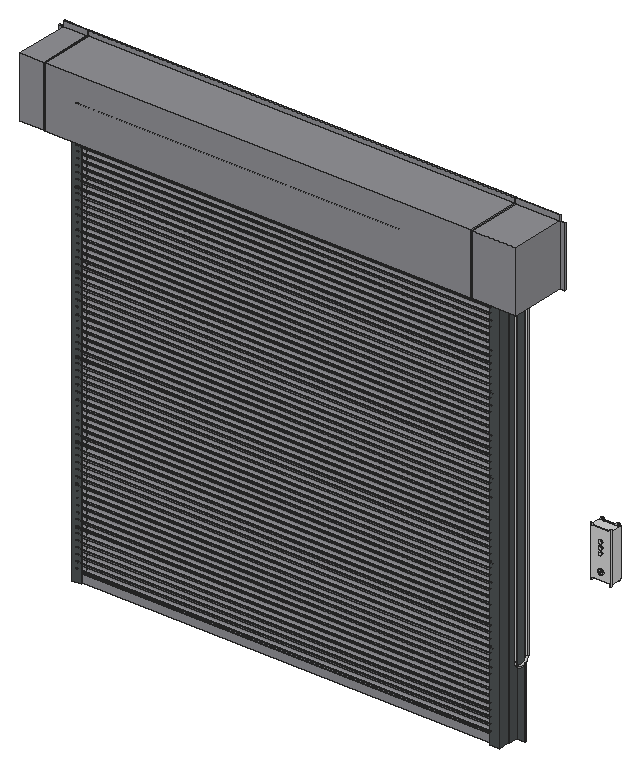
Revit family "Doors_Industrial_Overhead-Door-Corporation_EverServe-HD-Springless-Service-Doors-610S_", category Specialty Equipment, host Wall, Revit 2019 (continued)
Definition of nested family "610S"
  Forms (in)
    Extrusion 3, solid, material <- "Panel Material", visible <- "C 275"
      sketch origin (0, -4.98186, 13.73777) x (0, 1, 0) y (0, 0, 1)
        loop
          line (5.41686, -11.21617) -> (5.41686, -10.992)
          arc (5.41686, -10.992) -> (5.38383, -10.87566) -> (5.29461, -10.79403) r 0.22143
          line (5.29461, -10.79403) -> (5.07719, -10.68511)
          arc (5.07719, -10.68511) -> (5.0486, -10.63175) -> (5.08882, -10.58649) r 0.0529
          arc (5.08882, -10.58649) -> (5.53574, -10.37609) -> (5.86186, -10.00506) r 1.21407
          line (5.86186, -10.00506) -> (5.86186, -8.78532)
          arc (5.86186, -8.78532) -> (5.65824, -8.59932) -> (5.41686, -8.46594) r 1.17443
          line (5.41686, -8.46594) -> (5.41686, -8.24176)
          arc (5.41686, -8.24176) -> (5.37035, -8.10599) -> (5.25036, -8.02726) r 0.22143
          line (5.25036, -8.02726) -> (5.07719, -7.93935)
          arc (5.07719, -7.93935) -> (5.0486, -7.88599) -> (5.08882, -7.84073) r 0.0529
          arc (5.08882, -7.84073) -> (5.53574, -7.63033) -> (5.86186, -7.2593) r 1.21407
          line (5.86186, -7.2593) -> (5.86186, -6.03956)
          arc (5.86186, -6.03956) -> (5.65824, -5.85356) -> (5.41686, -5.72017) r 1.17443
          line (5.41686, -5.72017) -> (5.41686, -5.496)
          arc (5.41686, -5.496) -> (5.39015, -5.39058) -> (5.31648, -5.31059) r 0.22143
          line (5.31648, -5.31059) -> (5.07719, -5.18911)
          arc (5.07719, -5.18911) -> (5.0486, -5.13575) -> (5.08882, -5.09049) r 0.0529
          arc (5.08882, -5.09049) -> (5.53574, -4.88009) -> (5.86186, -4.50906) r 1.21407
          line (5.86186, -4.50906) -> (5.86186, -3.28932)
          arc (5.86186, -3.28932) -> (5.65824, -3.10332) -> (5.41686, -2.96993) r 1.17443
          line (5.41686, -2.96993) -> (5.41686, -2.74576)
          arc (5.41686, -2.74576) -> (5.37035, -2.60999) -> (5.25036, -2.53126) r 0.22143
          line (5.25036, -2.53126) -> (5.07719, -2.44335)
          arc (5.07719, -2.44335) -> (5.0486, -2.38998) -> (5.08882, -2.34473) r 0.0529
          arc (5.08882, -2.34473) -> (5.53574, -2.13433) -> (5.86186, -1.76329) r 1.21407
          line (5.86186, -1.76329) -> (5.86186, -0.54356)
          arc (5.86186, -0.54356) -> (5.65824, -0.35756) -> (5.41686, -0.22417) r 1.17443
      from -61.8125 to 61.8125
    Extrusion 4, void
      sketch origin (0, 0, 0) x (0, 1, 0) y (0, 0, 1)
        loop
          line (1.47, 1.394) -> (1.47, 0.394) -> (1.53, 0.394) -> (1.53, 1.394) -> (1.47, 1.394)
        loop
          line (1.47, 3.65) -> (1.47, 2.65) -> (1.53, 2.65) -> (1.53, 3.65) -> (1.47, 3.65)
        loop
          line (1.47, 5.906) -> (1.47, 4.906) -> (1.53, 4.906) -> (1.53, 5.906) -> (1.47, 5.906)
        loop
          line (1.47, 8.162) -> (1.47, 7.162) -> (1.53, 7.162) -> (1.53, 8.162) -> (1.47, 8.162)
        loop
          line (1.47, 10.418) -> (1.47, 9.418) -> (1.53, 9.418) -> (1.53, 10.418) -> (1.47, 10.418)
      from -60.8125 to 60.8125
  Cuts and joins
    Extrusion 4 cuts Extrusion 3
    Extrusion 4 cuts Extrusion 2
  Lines and regions (in)
    reference lines
      curve 1: line (0, -4.98186, 12.78) -> (0, 9.9877, 12.78)
      curve 2: line (0, -2.86663, 12.174) -> (0, 7.63337, 12.174)
      curve 3: line (0, -2.86663, 9.918) -> (0, 7.63337, 9.918)
      curve 4: line (0, -2.86663, 7.662) -> (0, 7.63337, 7.662)
      curve 5: line (0, -2.86663, 5.406) -> (0, 7.63337, 5.406)
      curve 6: line (0, -2.86663, 0.894) -> (0, 7.63337, 0.894)
      curve 7: line (0, -2.86663, 3.15) -> (0, 7.63337, 3.15)
  Dimensions and locks (in)
    equal spacing: plane 4, plane 3 "Center (Left/Right)", plane 5
    "Opening Width": plane 4 to plane 5
    "Slat Width": plane 1 "Center (Front/Back)" to plane 6
    equal spacing: plane 1 "Center (Front/Back)", plane 8, plane 6
    locked: plane 9 to plane 6 at 0.03
    "Cutout Width Offset": plane 4 to plane 10
    "Cutout Width Offset": plane 5 to plane 11
    "Void Height": Extrusion 4 sketch curve to Extrusion 4 sketch curve  (x5)
    locked: Extrusion 4 sketch curve to Extrusion 4 sketch curve at 0.06  (x5)
    "Void Offset": plane 6 to Extrusion 4 sketch curve
    locked: curve 1 to level at 12.78
    "Slat Position": curve 6 to curve 2
    equal spacing: Extrusion 4 sketch curve, curve 3, Extrusion 4 sketch curve
    equal spacing: Extrusion 4 sketch curve, curve 4, Extrusion 4 sketch curve
    equal spacing: Extrusion 4 sketch curve, curve 6, Extrusion 4 sketch curve
    equal spacing: Extrusion 4 sketch curve, curve 5, Extrusion 4 sketch curve
    equal spacing: curve 6, curve 7, curve 5, curve 4, curve 3, curve 2
    equal spacing: Extrusion 4 sketch curve, curve 7, Extrusion 4 sketch curve
    "Cutout Vertical Offset": curve 6 to plane 2
    aligned and locked: plane 2 to level
    aligned and locked: plane 1 "Center (Front/Back)" to plane 7
    aligned and locked: plane 5 to Extrusion 1
    aligned and locked: plane 4 to Extrusion 1
    aligned and locked: plane 5 to Extrusion 2
    aligned and locked: plane 4 to Extrusion 2
    aligned and locked: plane 5 to Extrusion 3
    aligned and locked: plane 4 to Extrusion 3
    aligned and locked: plane 9 to nested 1
    aligned and locked: plane 3 "Center (Left/Right)" to nested 1
    aligned and locked: Extrusion 4 sketch curve to Extrusion 4 sketch curve  (x4)
    aligned and locked: plane 10 to Extrusion 4
    aligned and locked: plane 11 to Extrusion 4
    aligned and locked: plane 3 "Center (Left/Right)" to nested 2
    aligned and locked: plane 3 "Center (Left/Right)" to nested 3
    aligned and locked: plane 3 "Center (Left/Right)" to nested 4
    aligned and locked: plane 3 "Center (Left/Right)" to nested 5
    aligned and locked: plane 9 to nested 2
    aligned and locked: plane 9 to nested 3
    aligned and locked: plane 9 to nested 4
    aligned and locked: plane 9 to nested 5
  Automatic sketch dimensions
    curve 1 to Extrusion 1 sketch curve = 4.37692"  (x2)
    Extrusion 1 sketch curve to Extrusion 1 sketch curve = 0"  (x24)
    Extrusion 1 sketch curve to Extrusion 1 sketch curve = 0.34316"  (x6)
    Extrusion 1 sketch curve to Extrusion 1 sketch curve = 0.02075"  (x6)
    Extrusion 1 sketch curve to Extrusion 1 sketch curve = 0.46772"  (x6)
    Extrusion 1 sketch curve to Extrusion 1 sketch curve = 0.21601"  (x6)
    Extrusion 1 sketch curve to Extrusion 1 sketch curve = 0.25599"  (x5)
    Extrusion 1 sketch curve to Extrusion 1 sketch curve = 0.27238"
    Extrusion 1 sketch curve to Extrusion 1 sketch curve = 0.0004"
    Extrusion 1 sketch curve to Extrusion 1 sketch curve = 49/128"
    Extrusion 1 sketch curve to Extrusion 1 sketch curve = 0.04891"  (x5)
    Extrusion 1 sketch curve to Extrusion 1 sketch curve = 0.07012"
    Extrusion 1 sketch curve to curve 1 = 13.34422"
    Extrusion 1 sketch curve to Extrusion 1 sketch curve = 0.42583"  (x6)
    Extrusion 1 sketch curve to Extrusion 1 sketch curve = 0.1384"
    Extrusion 1 sketch curve to Extrusion 1 sketch curve = 0.02995"
    Extrusion 1 sketch curve to Extrusion 1 sketch curve = 0.29119"
    Extrusion 1 sketch curve to Extrusion 1 sketch curve = 0.72453"  (x6)
    Extrusion 1 sketch curve to Extrusion 1 sketch curve = 0.00067"  (x6)
    Extrusion 1 sketch curve to Extrusion 1 sketch curve = 0.27011"  (x5)
    Extrusion 1 sketch curve to Extrusion 1 sketch curve = 0.08724"  (x5)
    Extrusion 1 sketch curve to Extrusion 1 sketch curve = 0.06764"  (x5)
    Extrusion 1 sketch curve to Extrusion 1 sketch curve = 0.30465"  (x5)
    Extrusion 1 sketch curve to Extrusion 1 sketch curve = 0.80134"
    Extrusion 1 sketch curve to Extrusion 1 sketch curve = 0.005"
    Extrusion 1 sketch curve to Extrusion 1 sketch curve = 0.14177"
    Extrusion 1 sketch curve to Extrusion 1 sketch curve = 0.0347"  (x8)
    Extrusion 1 sketch curve to Extrusion 1 sketch curve = 0.02124"  (x6)
    Extrusion 1 sketch curve to Extrusion 1 sketch curve = 0.00181"
    Extrusion 1 sketch curve to Extrusion 1 sketch curve = 0.06794"  (x5)
    Extrusion 1 sketch curve to Extrusion 1 sketch curve = 0.04801"
    Extrusion 1 sketch curve to Extrusion 1 sketch curve = 0.0638"  (x2)
    curve 1 to Extrusion 2 sketch curve = 4.98186"  (x2)
    Extrusion 2 sketch curve to Extrusion 2 sketch curve = 0"  (x4)
    curve 1 to Extrusion 2 sketch curve = 0.02051"
    curve 1 to Extrusion 2 sketch curve = 2.64604"
    Extrusion 2 sketch curve to Extrusion 2 sketch curve = 0.06154"  (x4)
    curve 1 to Extrusion 2 sketch curve = 0.03317"
    Extrusion 2 sketch curve to Extrusion 2 sketch curve = 0.06197"
    curve 1 to Extrusion 2 sketch curve = 0.12438"
    Extrusion 2 sketch curve to Extrusion 2 sketch curve = 0.02153"
    Extrusion 2 sketch curve to Extrusion 2 sketch curve = 0.02196"  (x4)
    curve 1 to Extrusion 2 sketch curve = 2.74991"
    Extrusion 2 sketch curve to curve 1 = 0.39136"
    Extrusion 2 sketch curve to Extrusion 2 sketch curve = 0.0841"
    Extrusion 2 sketch curve to Extrusion 2 sketch curve = 0.02327"  (x4)
    Extrusion 2 sketch curve to Extrusion 2 sketch curve = 3/128"  (x2)
    Extrusion 2 sketch curve to Extrusion 2 sketch curve = 0.02374"  (x2)
    Extrusion 2 sketch curve to Extrusion 2 sketch curve = 0.00178"
    curve 1 to Extrusion 2 sketch curve = 0.06028"
    curve 1 to Extrusion 2 sketch curve = 2.68458"
    Extrusion 2 sketch curve to Extrusion 2 sketch curve = 0.00478"  (x2)
    Extrusion 2 sketch curve to Extrusion 2 sketch curve = 0.00479"  (x2)
    Extrusion 2 sketch curve to Extrusion 2 sketch curve = 0.01188"  (x4)
    curve 1 to Extrusion 2 sketch curve = 2.48793"
    Extrusion 2 sketch curve to Extrusion 2 sketch curve = 0.01156"
    Extrusion 2 sketch curve to Extrusion 2 sketch curve = 0.01822"
    Extrusion 2 sketch curve to curve 1 = 0.2281"
    Extrusion 2 sketch curve to Extrusion 2 sketch curve = 0.03122"
    curve 1 to Extrusion 2 sketch curve = 2.39704"
    Extrusion 2 sketch curve to Extrusion 2 sketch curve = 0.01856"  (x2)
    Extrusion 2 sketch curve to Extrusion 2 sketch curve = 0.00034"  (x6)
    Extrusion 2 sketch curve to Extrusion 2 sketch curve = 0.0185"  (x2)
    Extrusion 2 sketch curve to Extrusion 2 sketch curve = 0.18279"  (x3)
    Extrusion 2 sketch curve to Extrusion 2 sketch curve = 0.18305"  (x3)
    Extrusion 2 sketch curve to Extrusion 2 sketch curve = 0.41746"  (x2)
    Extrusion 2 sketch curve to Extrusion 2 sketch curve = 0.392"
    Extrusion 2 sketch curve to Extrusion 2 sketch curve = 0.41747"  (x2)
    curve 1 to Extrusion 2 sketch curve = 2.67875"
    Extrusion 2 sketch curve to Extrusion 2 sketch curve = 0.02395"  (x5)
    curve 1 to Extrusion 2 sketch curve = 2.62435"
    Extrusion 2 sketch curve to Extrusion 2 sketch curve = 0.03031"  (x4)
    curve 1 to Extrusion 2 sketch curve = 0.14423"
    Extrusion 2 sketch curve to Extrusion 2 sketch curve = 0.45387"
    Extrusion 2 sketch curve to Extrusion 2 sketch curve = 0.00007"  (x5)
    Extrusion 2 sketch curve to Extrusion 2 sketch curve = 0.00899"  (x5)
    Extrusion 2 sketch curve to Extrusion 2 sketch curve = 0.00552"  (x5)
    Extrusion 2 sketch curve to Extrusion 2 sketch curve = 0.04341"  (x3)
    Extrusion 2 sketch curve to Extrusion 2 sketch curve = 0.01303"  (x2)
    curve 1 to Extrusion 2 sketch curve = 2.71019"
    Extrusion 2 sketch curve to Extrusion 2 sketch curve = 5/256"  (x2)
    Extrusion 2 sketch curve to Extrusion 2 sketch curve = 0.02448"  (x3)
    Extrusion 2 sketch curve to Extrusion 2 sketch curve = 0.06"  (x5)
    Extrusion 2 sketch curve to Extrusion 2 sketch curve = 0.01261"  (x2)
    Extrusion 2 sketch curve to Extrusion 2 sketch curve = 2.10108"  (x4)
    Extrusion 2 sketch curve to Extrusion 2 sketch curve = 0.11957"  (x2)
    Extrusion 2 sketch curve to Extrusion 2 sketch curve = 0.09059"  (x2)
    Extrusion 2 sketch curve to Extrusion 2 sketch curve = 0.05819"  (x4)
    Extrusion 2 sketch curve to Extrusion 2 sketch curve = 1/128"  (x4)
    Extrusion 2 sketch curve to Extrusion 2 sketch curve = 0.09983"  (x2)
    Extrusion 2 sketch curve to Extrusion 2 sketch curve = 0.01046"  (x2)
    Extrusion 2 sketch curve to Extrusion 2 sketch curve = 0.00686"  (x2)
    Extrusion 2 sketch curve to Extrusion 2 sketch curve = 0.03144"  (x3)
    Extrusion 2 sketch curve to Extrusion 2 sketch curve = 0.01995"  (x3)
    Extrusion 2 sketch curve to Extrusion 2 sketch curve = 0.11917"  (x3)
    Extrusion 2 sketch curve to Extrusion 2 sketch curve = 0.09089"
    Extrusion 2 sketch curve to Extrusion 2 sketch curve = 0.09993"
    Extrusion 2 sketch curve to Extrusion 2 sketch curve = 0.01049"
    Extrusion 2 sketch curve to Extrusion 2 sketch curve = 0.00683"
    Extrusion 2 sketch curve to Extrusion 2 sketch curve = 0.07903"
    Extrusion 2 sketch curve to Extrusion 2 sketch curve = 0.01186"
    Extrusion 2 sketch curve to Extrusion 2 sketch curve = 0.05829"
    Extrusion 2 sketch curve to Extrusion 2 sketch curve = 0.05892"
    Extrusion 2 sketch curve to Extrusion 2 sketch curve = 0.00247"
    curve 1 to Extrusion 2 sketch curve = 4.8597"
    Extrusion 2 sketch curve to Extrusion 2 sketch curve = 0.0313"  (x2)
    Extrusion 2 sketch curve to Extrusion 2 sketch curve = 0.03156"
    curve 1 to Extrusion 2 sketch curve = 2.23417"
    Extrusion 2 sketch curve to Extrusion 2 sketch curve = 0.0005"
    Extrusion 3 sketch curve to Extrusion 3 sketch curve = 0"  (x17)
    curve 1 to Extrusion 3 sketch curve = 4.80317"
    curve 1 to Extrusion 3 sketch curve = 0.20569"
    Extrusion 3 sketch curve to Extrusion 3 sketch curve = 0.0028"  (x5)
    Extrusion 3 sketch curve to Extrusion 3 sketch curve = 0.12969"  (x5)
    Extrusion 3 sketch curve to Extrusion 3 sketch curve = 0.03778"  (x5)
    Extrusion 3 sketch curve to Extrusion 3 sketch curve = 0.14152"  (x5)
    curve 1 to Extrusion 3 sketch curve = 1.48558"
    Extrusion 3 sketch curve to Extrusion 3 sketch curve = 0.02395"  (x5)
    Extrusion 3 sketch curve to Extrusion 3 sketch curve = 0.00651"  (x5)
    Extrusion 3 sketch curve to Extrusion 3 sketch curve = 0.11824"  (x5)
    Extrusion 3 sketch curve to Extrusion 3 sketch curve = 0.38946"
    Extrusion 3 sketch curve to Extrusion 3 sketch curve = 0.14271"  (x3)
    curve 1 to Extrusion 3 sketch curve = 1.57349"
    Extrusion 3 sketch curve to Extrusion 3 sketch curve = 0.09917"
    Extrusion 3 sketch curve to Extrusion 3 sketch curve = 0.12104"
    Extrusion 3 sketch curve to Extrusion 3 sketch curve = 0.22143"  (x5)
    Extrusion 3 sketch curve to Extrusion 3 sketch curve = 0.385"  (x4)
    Extrusion 3 sketch curve to Extrusion 3 sketch curve = 0.86619"
    Extrusion 3 sketch curve to Extrusion 3 sketch curve = 0.06"  (x5)
    Extrusion 3 sketch curve to Extrusion 3 sketch curve = 0.22417"  (x5)
    Extrusion 3 sketch curve to Extrusion 3 sketch curve = 0.31939"  (x4)
    Extrusion 3 sketch curve to Extrusion 3 sketch curve = 0.02243"  (x5)
    Extrusion 3 sketch curve to Extrusion 3 sketch curve = 0.14822"  (x4)
    Extrusion 3 sketch curve to Extrusion 3 sketch curve = 0.00061"  (x5)
    Extrusion 3 sketch curve to Extrusion 3 sketch curve = 0.08821"  (x5)
    Extrusion 3 sketch curve to Extrusion 3 sketch curve = 0.34736"  (x4)
    Extrusion 3 sketch curve to Extrusion 3 sketch curve = 0.01604"  (x5)
    Extrusion 3 sketch curve to Extrusion 3 sketch curve = 0.64892"  (x4)
    Extrusion 3 sketch curve to Extrusion 3 sketch curve = 0.01817"  (x5)
    Extrusion 3 sketch curve to Extrusion 3 sketch curve = 0.029"  (x4)
    Extrusion 3 sketch curve to Extrusion 3 sketch curve = 0.13791"
    Extrusion 3 sketch curve to Extrusion 3 sketch curve = 0.21451"
    curve 1 to Extrusion 3 sketch curve = 0.80553"
    Extrusion 3 sketch curve to Extrusion 3 sketch curve = 0.23644"
    Extrusion 3 sketch curve to curve 1 = 0.39177"
    Extrusion 3 sketch curve to Extrusion 3 sketch curve = 0.02516"  (x2)
    Extrusion 3 sketch curve to Extrusion 3 sketch curve = 0.03547"  (x2)
    plane 1 "Center (Front/Back)" to curve 1 = 4.98186"
    plane 1 "Center (Front/Back)" to curve 7 = 2.86663"
    curve 1 to curve 2 = 2.11523"
    curve 5 to curve 7 = 0"
    curve 3 to curve 2 = 0"  (x2)
    curve 6 to curve 7 = 0"
    curve 4 to curve 3 = 0"
    curve 2 to plane 6 = 7.10337"
    curve 5 to plane 6 = 7.10337"
    curve 4 to curve 5 = 0"
    curve 6 to curve 5 = 0"
    curve 7 to curve 5 = 0"
    curve 2 to curve 1 = 2.35433"
  Nested families (in)
    nested 1: "Perforation" at (0, 0.5, 0.894), visible <- "Integrated Cutout", type "Perforation"
      with Offset 1"
    nested 2: "Perforation" at (0, 0.5, 3.15), visible <- "Integrated Cutout", type "Perforation"
      with Offset 1"
    nested 3: "Perforation" at (0, 0.5, 5.406), visible <- "Integrated Cutout", type "Perforation"
      with Offset 1"
    nested 4: "Perforation" at (0, 0.5, 7.662), visible <- "Integrated Cutout", type "Perforation"
      with Offset 1"
    nested 5: "Perforation" at (0, 0.5, 9.918), visible <- "Integrated Cutout", type "Perforation"
      with Offset 1"
  Definition of nested family "Perforation"
    Parameters (values of type "Perforation")
      Perforation = none
      Opening Width = 123 5/8"
      Offset = 2"
      Height = 1"
      Default Elevation = 48"
    Reference planes (in)
      plane 1 "Center (Front/Back)": y = 0
      plane 2: z = 0
      plane 3 "Center (Left/Right)": x = 0
      plane 4: z = 0.5
      plane 5: z = -0.5
      plane 6: y = -0.03
      plane 7: y = 0.03
      plane 8: x = -61.8125
      plane 9: x = 61.8125
      plane 10: x = -59.8125
      plane 11: x = 59.8125
    Forms (in)
      Extrusion 1, solid, material <- "Perforation"
        sketch origin (0, -0.19, 0) x (0, 1, 0) y (0, 0, 1)
          loop
            line (0.16, 0.5) -> (0.16, -0.5) -> (0.22, -0.5) -> (0.22, 0.5) -> (0.16, 0.5)
        from -59.8125 to 59.8125
    Dimensions and locks (in)
      equal spacing: plane 4, level, plane 5
      "Height": plane 4 to plane 5
      equal spacing: plane 6, plane 1 "Center (Front/Back)", plane 7
      locked: plane 6 to plane 7 at 0.06
      "Opening Width": plane 8 to plane 9
      "Offset": plane 8 to plane 10
      "Offset": plane 9 to plane 11
      equal spacing: plane 8, plane 3 "Center (Left/Right)", plane 9
      aligned and locked: plane 2 to level
      aligned and locked: plane 4 to Extrusion 1
      aligned and locked: Extrusion 1 to plane 5
      aligned and locked: plane 6 to Extrusion 1
      aligned and locked: plane 7 to Extrusion 1
      aligned and locked: Extrusion 1 to plane 10
      aligned and locked: plane 11 to Extrusion 1
    Automatic sketch dimensions
      Extrusion 1 sketch curve to level = 1/2"
      plane 1 "Center (Front/Back)" to Extrusion 1 sketch curve = 0.03"
      Extrusion 1 sketch curve to plane 1 "Center (Front/Back)" = 0.03"
      plane 4 to Extrusion 1 sketch curve = 0"
Definition of nested family "Label Annotation 1"
  Parameters (values of type "Label Annotation 1-8")
    Label = "Area is too big. Please reduce Door Size."
  Reference planes (in)
    plane 1: y = 0
    plane 2: x = 0
  Text (in)
    label "Label" at (0.00375, -0.00345, 0), shows "Label"
Definition of nested family "Warning Sign"
  Parameters (values of type "Warning Sign")
    Warning Sign [instance] = no
    Default Elevation = 48"
  Reference planes (in)
    plane 1 "Center (Front/Back)": y = 0
    plane 2: z = 0
    plane 3 "Center (Left/Right)": x = 0
    plane 4: y = 0.5
    plane 5: y = -0.5
    plane 6: y = 1
    plane 7: y = 0.25
  Lines and regions (in)
    model lines
      curve 1: line (-2.26129, 1, 45.69444) -> (-26.3817, 1, 3.91667)
      curve 2: line (-25.25106, 1, 3.26389) -> (-1.13064, 1, 45.04167)
      curve 3: arc (2.26129, 1, 45.69444) -> (0, 1, 47) -> (-2.26129, 1, 45.69444) r 2.61111
      curve 4: arc (-1.13064, 1, 45.04167) -> (0, 1, 45.69444) -> (1.13064, 1, 45.04167) r 1.30556
      curve 5: line (1.13064, 1, 45.04167) -> (25.25106, 1, 3.26389)
      curve 6: line (26.3817, 1, 3.91667) -> (2.26129, 1, 45.69444)
      curve 7: arc (25.25106, 1, 3.26389) -> (25.25106, 1, 1.95833) -> (24.12041, 1, 1.30556) r 1.30556
      curve 8: arc (24.12041, 1, 0) -> (26.3817, 1, 1.30556) -> (26.3817, 1, 3.91667) r 2.61111
      curve 9: line (24.12041, 1, 1.30556) -> (-24.12041, 1, 1.30556)
      curve 10: line (-24.12041, 1, 0) -> (24.12041, 1, 0)
      curve 11: arc (-24.12041, 1, 1.30556) -> (-25.25106, 1, 1.95833) -> (-25.25106, 1, 3.26389) r 1.30556
      curve 12: arc (-26.3817, 1, 3.91667) -> (-26.3817, 1, 1.30556) -> (-24.12041, 1, 0) r 2.61111
      curve 13: arc (-2.29479, 1, 8.63537) -> (0, 1, 6.34057) -> (2.29479, 1, 8.63537) r 2.29479
      curve 14: arc (2.29479, 1, 8.63537) -> (0, 1, 10.93016) -> (-2.29479, 1, 8.63537) r 2.29479
      curve 15: arc (-1.6331, 1, 13.97069) -> (0.03439, 1, 12.53727) -> (1.69278, 1, 13.98121) r 1.68043
      curve 16: line (-3.77413, 1, 28.37873) -> (-1.6331, 1, 13.97069)
      curve 17: line (1.69278, 1, 13.98121) -> (3.73924, 1, 28.37873)
      curve 18: arc (3.73924, 1, 28.37873) -> (-0.01745, 1, 32.13541) -> (-3.77413, 1, 28.37873) r 3.75668
      curve 19: line (-2.26129, -0.5, 45.69444) -> (-26.3817, -0.5, 3.91667)
      curve 20: line (-25.25106, -0.5, 3.26389) -> (-1.13064, -0.5, 45.04167)
      curve 21: arc (2.26129, -0.5, 45.69444) -> (0, -0.5, 47) -> (-2.26129, -0.5, 45.69444) r 2.61111
      curve 22: arc (-1.13064, -0.5, 45.04167) -> (0, -0.5, 45.69444) -> (1.13064, -0.5, 45.04167) r 1.30556
      curve 23: line (1.13064, -0.5, 45.04167) -> (25.25106, -0.5, 3.26389)
      curve 24: line (26.3817, -0.5, 3.91667) -> (2.26129, -0.5, 45.69444)
      curve 25: arc (25.25106, -0.5, 3.26389) -> (25.25106, -0.5, 1.95833) -> (24.12041, -0.5, 1.30556) r 1.30556
      curve 26: arc (24.12041, -0.5, 0) -> (26.3817, -0.5, 1.30556) -> (26.3817, -0.5, 3.91667) r 2.61111
      curve 27: line (24.12041, -0.5, 1.30556) -> (-24.12041, -0.5, 1.30556)
      curve 28: line (-24.12041, -0.5, 0) -> (24.12041, -0.5, 0)
      curve 29: arc (-24.12041, -0.5, 1.30556) -> (-25.25106, -0.5, 1.95833) -> (-25.25106, -0.5, 3.26389) r 1.30556
      curve 30: arc (-26.3817, -0.5, 3.91667) -> (-26.3817, -0.5, 1.30556) -> (-24.12041, -0.5, 0) r 2.61111
      curve 31: arc (-2.29479, -0.5, 8.63537) -> (0, -0.5, 6.34057) -> (2.29479, -0.5, 8.63537) r 2.29479
      curve 32: arc (2.29479, -0.5, 8.63537) -> (0, -0.5, 10.93016) -> (-2.29479, -0.5, 8.63537) r 2.29479
      curve 33: arc (-1.6331, -0.5, 13.97069) -> (0.03439, -0.5, 12.53727) -> (1.69278, -0.5, 13.98121) r 1.68043
      curve 34: line (-3.77413, -0.5, 28.37873) -> (-1.6331, -0.5, 13.97069)
      curve 35: line (1.69278, -0.5, 13.98121) -> (3.73924, -0.5, 28.37873)
      curve 36: arc (3.73924, -0.5, 28.37873) -> (-0.01745, -0.5, 32.13541) -> (-3.77413, -0.5, 28.37873) r 3.75668
  Dimensions and locks (in)
    locked: plane 1 "Center (Front/Back)" to plane 4 at 0.5
    equal spacing: plane 1 "Center (Front/Back)", plane 7, plane 4
    locked: plane 4 to plane 6 at 0.5
    locked: plane 5 to plane 1 "Center (Front/Back)" at 0.5
    aligned and locked: plane 2 to level
  Automatic sketch dimensions
    curve 21 to curve 22 = 0"  (x2)
    curve 25 to curve 26 = 0"  (x2)
    curve 29 to curve 30 = 0"  (x2)
    curve 31 to curve 32 = 0"  (x2)
    curve 21 to plane 3 "Center (Left/Right)" = 0"
    curve 31 to plane 3 "Center (Left/Right)" = 0"
    curve 30 to level = 0"
    level to curve 27 = 1.30556"
    curve 26 to curve 27 = 1.30556"
    curve 29 to curve 27 = 1.30556"
    curve 23 to curve 25 = 0.65278"
    curve 20 to curve 29 = 0.65278"
    curve 24 to curve 23 = 0.65278"
    curve 19 to curve 20 = 0.65278"
    level to curve 32 = 8.63537"
    curve 34 to plane 3 "Center (Left/Right)" = 1.6331"
    curve 34 to curve 31 = 5.33532"
    plane 3 "Center (Left/Right)" to curve 35 = 1.69278"
    curve 35 to curve 34 = 0.01052"
    plane 3 "Center (Left/Right)" to curve 33 = 0.02908"
    curve 36 to plane 3 "Center (Left/Right)" = 0.01745"
    curve 36 to curve 33 = 14.16104"
    curve 22 to curve 36 = 16.01016"
    plane 3 "Center (Left/Right)" to curve 23 = 1.13064"
    curve 23 to curve 21 = 0.65278"
    curve 20 to plane 3 "Center (Left/Right)" = 1.13064"
    plane 3 "Center (Left/Right)" to curve 24 = 2.26129"
    curve 24 to curve 22 = 0.65278"
    curve 19 to plane 3 "Center (Left/Right)" = 2.26129"
    curve 34 to curve 36 = 3.75668"
    curve 30 to plane 3 "Center (Left/Right)" = 24.12041"
    plane 3 "Center (Left/Right)" to curve 25 = 24.12041"
    curve 31 to curve 31 = 2.29479"
    curve 3 to curve 4 = 0"  (x2)
    curve 7 to curve 8 = 0"  (x2)
    curve 11 to curve 12 = 0"  (x2)
    curve 13 to curve 14 = 0"  (x2)
    curve 3 to plane 3 "Center (Left/Right)" = 0"
    curve 13 to plane 3 "Center (Left/Right)" = 0"
    curve 12 to level = 0"
    level to curve 9 = 1.30556"
    curve 8 to curve 9 = 1.30556"
    curve 11 to curve 9 = 1.30556"
    curve 5 to curve 7 = 0.65278"
    curve 2 to curve 11 = 0.65278"
    curve 6 to curve 5 = 0.65278"
    curve 1 to curve 2 = 0.65278"
    level to curve 14 = 8.63537"
    curve 16 to plane 3 "Center (Left/Right)" = 1.6331"
    curve 16 to curve 13 = 5.33532"
    plane 3 "Center (Left/Right)" to curve 17 = 1.69278"
    curve 17 to curve 16 = 0.01052"
    plane 3 "Center (Left/Right)" to curve 15 = 0.02908"
    curve 18 to plane 3 "Center (Left/Right)" = 0.01745"
    curve 18 to curve 15 = 14.16104"
    curve 4 to curve 18 = 16.01016"
    plane 3 "Center (Left/Right)" to curve 5 = 1.13064"
    curve 5 to curve 3 = 0.65278"
    curve 2 to plane 3 "Center (Left/Right)" = 1.13064"
    plane 3 "Center (Left/Right)" to curve 6 = 2.26129"
    curve 6 to curve 4 = 0.65278"
    curve 1 to plane 3 "Center (Left/Right)" = 2.26129"
    curve 16 to curve 18 = 3.75668"
    curve 12 to plane 3 "Center (Left/Right)" = 24.12041"
    plane 3 "Center (Left/Right)" to curve 7 = 24.12041"
    curve 13 to curve 13 = 2.29479"
Types (6): name | Voltage | Number of Poles | Apparent Load Phase 3 | Apparent Load Phase 2 | Apparent Load Phase 1
  208 volts, one phase, 60 Hz (208-240V range) | 208 V | 1 | 0 VA | 0 VA | 4160 VA
  220 volts, one phase, 60 Hz (220-240V range) | 220 V | 1 | 0 VA | 0 VA | 4400 VA
  208 volts, three phase, 60 Hz (208-240V range) | 208 V | 3 | 2401.78 VA | 2401.78 VA | 2401.78 VA
  230 volts, three phase, 60 Hz (220-240V range) | 230 V | 3 | 2655.81 VA | 2655.81 VA | 2655.81 VA
  460 volts, three phase, 60 Hz (440-480 V range) | 460 V | 3 | 5311.62 VA | 5311.62 VA | 5311.62 VA
  575 volts, three phase, 60 Hz | 575 V | 3 | 6639.53 VA | 6639.53 VA | 6639.53 VA
